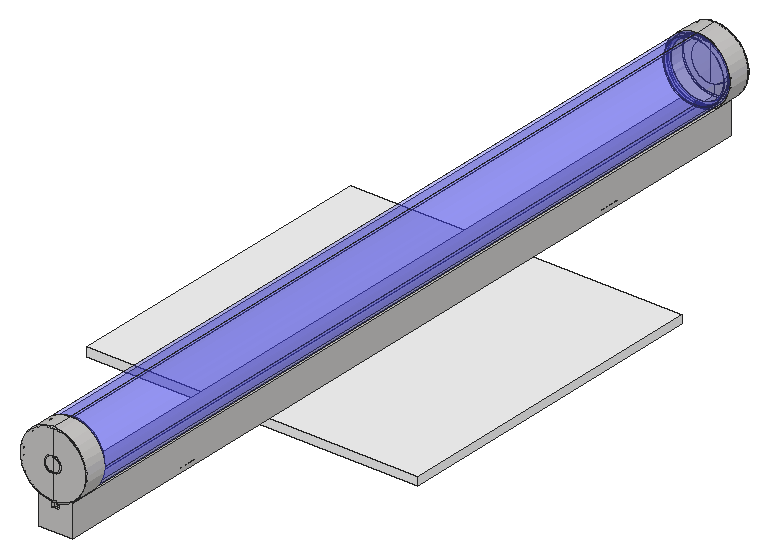
Revit family "BE_50070.2_de_DE", category Leuchten, Revit 2015
Parameters (values of type "BEGA_50070.2_K4")
  built-in parameter 1150104 = 13.146 (stored number, unit not read)
  Wattage = 25.4 W
  Default Elevation = 0 mm
  built-in parameter 1150113 = 1 (stored number, unit not read)
  built-in parameter 1114218 = 1 (stored number, unit not read)
  Umgebungstemperatur = ""
  URL = "http://www.bega.de/produkt/50070.2"
  Typenkommentare = "© 2017 BEGA. Wir behalten uns das Recht vor, technische Änderungen ohne vorherige Ankündigung vorzunehmen."  # constant formula
  built-in parameter 1150134 = 12
  built-in parameter 1150109 = 1 (stored number, unit not read)
  Strom = ""
  built-in parameter 1150110 = 1 (stored number, unit not read)
  Spannung = 239.996 V
  Sonderanfertigung = no
  Seriennummer [instance] = "Hier können Sie die eindeutige Seriennummer für das Facility Management eintragen."
  Schutzklasse = "I"
  Schutzart = "IP 65"
  Scheinlast = 0 VA
  Produktdatenblatt = "http://www.bega.de/download/Xrfa/db/50070.2.db.de.pdf"
  Oberflächentemperatur = ""
  Neigungswinkel = 0.00°
  Modell = "50070.2K4"
  Material_17 = BEGA_Reflektor
  Material_15 = BEGA_Leuchtmedium_matt
  Material_11 = BEGA_Glas_opal
  Material_09 = BEGA_Glas_klar
  Material_06 = BEGA_Oberfläche_Edelstahl_gebürstet
  Material_05 = BEGA_Oberfläche_Aluminium Guss
  Material_03 = BEGA_Oberfläche_Weiss_matt
  Material_02 = BEGA_Oberfläche_Silber_matt
  Material_01 [instance] = BEGA_Oberfläche_Grafit_matt
  M_W = no
  M_G = no
  M_A = no
  Logo = 0
  built-in parameter 1114217 = 1 (stored number, unit not read)
  built-in parameter 1150139 = (empty or 0)
  built-in parameter 1150105 = 286.01 (stored number, unit not read)
  built-in parameter 1150114 = 1 (stored number, unit not read)
  Lumens = 3594.1 lm
  built-in parameter 1150115 = 1 (stored number, unit not read)
  Leuchtenlichtstrom = "3689 lm"
  Leuchtenanzahl = ""
  Lebensdauerkriterien = "L70B50 @ 25 °C = 143000 h"
  Lastklassifizierung = Beleuchtung
  built-in parameter 1150112 = 1 (stored number, unit not read)
  Lampenlichtstrom = "5010 lm"
  Lampe = "LED 35.4 W"
  LED_Modulbezeichnung = "6x LED-0627/940 "
  Hersteller = "BEGA"  # constant formula
  Halbstreuwinkel = ""
  Gewicht = "4.35 kg"
  Gebrauchslageneinschränkung [instance] = ""
  Frequenz = "0/50-60 Hz"
  Farbwiedergabeindex = "Ra > 90"
  Farbtemperaturverschiebung bei Dämpfen der Lampe = <Keine Auswahl>
  Farbtemperatur = "4000 K"
  Color Filter = 16777215
  built-in parameter 1150133 = 10 (stored number, unit not read)
  Energieeffizienzklasse = "LED A++ - A"
  built-in parameter 1150137 = (empty or 0)
  built-in parameter 1150132 = (empty or 0)
  ENEC = "ja"
  Dimmbar [instance] = "DALI"
  Datei für fotometrisches Netz = "BE_50070K4.IES"
  CE_Konformität = "ja"
  Bestellnummer = "50070.2K4"
  Beschreibung_Sonderanfertigung = "Hier können Sie Informationen zur Sonderanfertigung eintragen."
  Beschreibung = "Wandleuchte"
  built-in parameter 1150106 = 2.8601 (stored number, unit not read)
  Befestigungsbohrung = "Ø 6 mm"
  Befestigungsabstand = "640 mm"
  Ballwurfsicher = ""
  BEGA_Intern_aus = yes
  BEGA_Intern_an = yes
  BEGA_Intern_Konstruktion = yes
  BEGA_Intern = yes
  BEGA_IES = yes
  BEGA_Dummy = no
  Anschlussleitung = ""
  Anschlussleistung [instance] = "41 W"
  Anschlusskasten = ""
  built-in parameter 1150107 = 4000 (stored number, unit not read)
  built-in parameter 1150102 = (empty or 0)
  built-in parameter 1150138 = (empty or 0)
  Aktualisierung = "2017-09-29T04:10:01"
  Abstand_zur_angestrahlten_Fläche [instance] = ""
  AC/DC = "AC/DC"
Types (2, lengths in mm): name | built-in parameter 1150104 | Wattage | built-in parameter 1150134 | Modell | built-in parameter 1150105 | Lumens | Leuchtenlichtstrom | Lampenlichtstrom | LED_Modulbezeichnung | Farbtemperatur | Datei für fotometrisches Netz | Bestellnummer | built-in parameter 1150106 | built-in parameter 1150107
  BEGA_50070.2_K3 | 12.672 (stored number, unit not read) | 35.4 W | (empty or 0) | "50070.2" | 384.24 (stored number, unit not read) | 4828.56 lm | "3556 lm" | "4830 lm" | "6x LED-0627/930 " | "3000 K" | "BE_50070.IES" | "50070.2" | 3.8424 (stored number, unit not read) | 3000 (stored number, unit not read)
  BEGA_50070.2_K4 | 13.146 (stored number, unit not read) | 25.4 W | 12 | "50070.2K4" | 286.01 (stored number, unit not read) | 3594.1 lm | "3689 lm" | "5010 lm" | "6x LED-0627/940 " | "4000 K" | "BE_50070K4.IES" | "50070.2K4" | 2.8601 (stored number, unit not read) | 4000 (stored number, unit not read)
Reference planes
  plane 1 "Mitte (Vorne/Hinten)": y = 0
  plane 2: z = 0
  plane 3 "Mitte (Links/Rechts)": x = 0
  plane 4 "Links": x = -40.25
  plane 5 "Rechts": x = 40.25
  plane 6 "Unten": y = -501.017
  plane 7 "Oben": y = 501.017
  plane 8 "Vorne": z = 115.51
  plane 9 "Hinten": z = 0
Forms (mm)
  Extrusion 1, solid, material "BEGA_Platte_Weiss"
    sketch origin (0, -1119.2, 0) x (1, 0, 0) y (0, 1, 0)
      loop
        line (-200, 1319.2) -> (-200, 919.2) -> (200, 919.2) -> (200, 1319.2) -> (-200, 1319.2)
    from 0 to -10
  Extrusion 2, solid, material "BEGA_Dummy_matt", visible <- "BEGA_Dummy"
    sketch origin (80.095, -76.023, 0) x (1, 0, 0) y (0, 1, 0)
      loop
        line (-120.345, 577.04) -> (-120.345, -424.994) -> (-39.845, -424.994) -> (-39.845, 577.04) -> (-120.345, 577.04)
    from 0 to 115.51
Dimensions and locks
  plane 1 "Mitte (Vorne/Hinten)" to Extrusion 1 = 200 mm
  aligned and locked: plane 2 to Extrusion 1
  aligned and locked: level to Extrusion 1
Nested families
  nested 1: "BE_50070.2" at (0, 0, 0) x (0, 1, 0) z (0, 0, 1), type "BE_50070.2"
Connectors
  electrical at (0, 0, 0), driven by "Lastklassifizierung", driven by "Spannung", driven by "Scheinlast"
    settings: index 1, voltage 239.996 V, apparent load 0 VA, apparent load phase1 0 VA, apparent load phase2 0 VA, apparent load phase3 0 VA, power factor 1, load classification "Beleuchtung", number of poles 1, system type 31, power factor state 1, is connector primary yes, connector utility no, sub classification motor no, connector description ""
Definition of nested family "BE_50070.2"
  Parameters (values of type "BE_50070.2")
    Default Elevation = 1 mm
    URL = "http://www.bega.de/de/produkt"
    Type Comments = "© 2015 BEGA. Wir behalten uns das Recht vor, technische Änderungen ohne vorherige Ankündigung vorzunehmen. "  # constant formula
    Type Image = (empty or 0)
    Neigungswinkel_um_Z2 = 0.00°
    Neigungswinkel_um_Z1 = 0.00°
    Neigungswinkel_um_Y2 = 0.00°
    Neigungswinkel_um_Y1 = 0.00°
    Neigungswinkel_um_X2 = 0.00°
    Neigungswinkel_um_X1 = 0.00°
    Material_17 = none
    Material_15 = none
    Material_11 = none
    Material_09 = none
    Material_06 = none
    Material_05 = none
    Material_03 = none
    Material_02 = none
    Material_01 = none
    M_W = yes
    M_G = yes
    M_A = yes
    Länge_Platte = 1100 mm  # constant formula
    Höhe_Platte = -10 mm  # constant formula
    Manufacturer = "BEGA"  # constant formula
    Drehwinkel_um_Z2 = 0.00°
    Drehwinkel_um_Z1 = 0.00°
    Breite_Platte = 200 mm  # constant formula
  Reference planes
    plane 1 "Mitte (Oben/Unten)": y = 0
    plane 2: z = 0
    plane 3 "Mitte (Links/Rechts)": x = 0
    plane 4: x = -501.017
    plane 5: z = 115.51
    plane 6: x = 501.017
    plane 7: y = 40.25
    plane 8: y = -40.25
  Forms (mm)
    Extrusion 1, solid, detail levels medium
      sketch origin (0, 0, 0) x (1, 0, 0) y (0, 1, 0)
        loop
          line (-550, 100) -> (-550, -100) -> (550, -100) -> (550, 100) -> (-550, 100)
      from 0 to -10 <- "Höhe_Platte"
    Extrusion 2, solid, material <- "Material_06", detail levels medium+fine
      sketch origin (0, 0, 0) x (0, 1, 0) y (0, 0, 1)
        loop
          arc (18.186, 39.353) -> (0, 35.01) -> (-18.186, 39.353) r 40.25
          line (-18.186, 39.353) -> (-20, 37.539) -> (-20, 0) -> (-17.5, 0) -> (-17.5, 32) -> (17.5, 32) -> (17.5, 0) -> (20, 0) -> (20, 37.539) -> (18.186, 39.353)
      from -493.983 to 496.017
    Extrusion 3, solid, material <- "Material_06", detail levels medium+fine
      sketch origin (0, 0, 0) x (0, 1, 0) y (0, 0, 1)
        loop
          arc (18.186, 39.353) -> (0, 35.01) -> (-18.186, 39.353) r 40.25
          line (-18.186, 39.353) -> (-20, 37.539) -> (-20, 0) -> (20, 0) -> (20, 37.539) -> (18.186, 39.353)
      from 496.017 to 499.017
    Extrusion 4, solid, material <- "Material_06", detail levels medium+fine
      sketch origin (-493, 0, 0) x (0, 1, 0) y (0, 0, 1)
        loop
          arc (18.186, 39.353) -> (0, 35.01) -> (-18.186, 39.353) r 40.25
          line (-18.186, 39.353) -> (-20, 37.539) -> (-20, 0) -> (20, 0) -> (20, 37.539) -> (18.186, 39.353)
      from -3.983 to -0.983
    Extrusion 5, solid, material <- "Material_06", detail levels medium+fine
      sketch origin (0, 0, 0) x (0, 1, 0) y (0, 0, 1)
        loop
          arc (14.5, 4) -> (14.207, 3.293) -> (13.5, 3) r 1
          line (13.5, 3) -> (-13.5, 3)
          arc (-13.5, 3) -> (-14.207, 3.293) -> (-14.5, 4) r 1
          line (-14.5, 4) -> (-14.5, 32) -> (-17.5, 32) -> (-17.5, 4)
          arc (-17.5, 4) -> (-16.328, 1.172) -> (-13.5, 0) r 4
          line (-13.5, 0) -> (13.5, 0)
          arc (13.5, 0) -> (16.328, 1.172) -> (17.5, 4) r 4
          line (17.5, 4) -> (17.5, 32) -> (14.5, 32) -> (14.5, 4)
      from 297.017 to 331.017
    Extrusion 6, solid, material <- "Material_06", detail levels medium+fine
      sketch origin (-230, 0, 0) x (0, 1, 0) y (0, 0, 1)
        loop
          arc (14.5, 4) -> (14.207, 3.293) -> (13.5, 3) r 1
          line (13.5, 3) -> (-13.5, 3)
          arc (-13.5, 3) -> (-14.207, 3.293) -> (-14.5, 4) r 1
          line (-14.5, 4) -> (-14.5, 32) -> (-17.5, 32) -> (-17.5, 4)
          arc (-17.5, 4) -> (-16.328, 1.172) -> (-13.5, 0) r 4
          line (-13.5, 0) -> (13.5, 0)
          arc (13.5, 0) -> (16.328, 1.172) -> (17.5, 4) r 4
          line (17.5, 4) -> (17.5, 32) -> (14.5, 32) -> (14.5, 4)
      from -112.983 to -78.983
    Extrusion 7, void
      sketch origin (0, 0, 0) x (1, 0, 0) y (0, 1, 0)
        loop
          arc (-327.373, 3) -> (-337.483, 0) -> (-327.373, -3) r 5.5
          line (-327.373, -3) -> (-317.983, -3)
          arc (-317.983, -3) -> (-314.983, 0) -> (-317.983, 3) r 3
          line (-317.983, 3) -> (-327.373, 3)
        loop
          arc (312.627, 3) -> (302.517, 0) -> (312.627, -3) r 5.5
          line (312.627, -3) -> (322.017, -3)
          arc (322.017, -3) -> (325.017, 0) -> (322.017, 3) r 3
          line (322.017, 3) -> (312.627, 3)
      from 0 to 9
    Revolve 8, void
      sketch origin (250.037, 0, 0) x (1, 0, 0) y (0, 0, 1)
        loop
          line (237.98, 30.562) -> (244.412, 30.562) -> (244.412, 37.872) -> (237.98, 37.872) -> (237.98, 30.562)
        axis (237.98, 30.562) -> (237.98, 37.872)
      angle from 0 to 360
    Revolve 9, solid, material <- "Material_06", detail levels medium+fine
      sketch origin (0, 0, 0) x (1, 0, 0) y (0, 0, 1)
        loop
          line (-501.017, 115.01) -> (-501.017, 75.26) -> (-493.017, 75.26) -> (-493.017, 97.652) -> (-498.517, 99.126) -> (-498.517, 112.583)
          arc (-498.517, 112.583) -> (-497.841, 113.082) -> (-497.019, 113.26) r 2
          line (-497.019, 113.26) -> (-475.151, 113.22) -> (-473.787, 115.51) -> (-500.517, 115.51)
          arc (-500.517, 115.51) -> (-500.87, 115.364) -> (-501.017, 115.01) r 0.5
        axis (-501.017, 75.26) -> (-473.787, 75.26)
      angle from 0 to 360
    Revolve 10, solid, material <- "Material_06", detail levels medium+fine
      sketch origin (0, 0, 0) x (-1, 0, 0) y (0, 0, 1)
        loop
          line (-501.017, 115.01) -> (-501.017, 75.26) -> (-493.017, 75.26) -> (-493.017, 97.652) -> (-498.517, 99.126) -> (-498.517, 112.583)
          arc (-498.517, 112.583) -> (-497.841, 113.082) -> (-497.019, 113.26) r 2
          line (-497.019, 113.26) -> (-475.151, 113.22) -> (-473.787, 115.51) -> (-500.517, 115.51)
          arc (-500.517, 115.51) -> (-500.87, 115.364) -> (-501.017, 115.01) r 0.5
        axis (-501.017, 75.26) -> (-473.787, 75.26)
      angle from 0 to 360
    Revolve 11, solid, material <- "Material_11", detail levels medium+fine
      sketch origin (0, 0, 0) x (1, 0, 0) y (0, 0, 1)
        loop
          line (473.913, 115.26) -> (-473.926, 115.26) -> (-475.266, 113.01) -> (-478.041, 113.01) -> (-478.041, 110.01) -> (-476.99, 109.749)
          arc (-476.99, 109.749) -> (-472.67, 108.644) -> (-469.337, 111.608) r 4.75
          arc (-469.337, 111.608) -> (-468.971, 112.081) -> (-468.4, 112.26) r 1
          line (-468.4, 112.26) -> (468.387, 112.26)
          arc (468.387, 112.26) -> (468.958, 112.081) -> (469.325, 111.608) r 1
          arc (469.325, 111.608) -> (472.657, 108.644) -> (476.978, 109.749) r 4.75
          line (476.978, 109.749) -> (478.028, 110.01) -> (478.028, 113.01) -> (475.253, 113.01) -> (473.913, 115.26)
        axis (478.028, 75.26) -> (-478.041, 75.26)
      angle from 0 to 360
    Revolve 12, void
      sketch origin (0, 0, 0) x (1, 0, 0) y (0, 0, 1)
        loop
          line (-497.452, 85.26) -> (-501.267, 85.26) -> (-501.267, 75.26) -> (-497.452, 75.26) -> (-497.452, 85.26)
        axis (-497.452, 75.26) -> (-501.267, 75.26)
      angle from 0 to 360
    Revolve 13, solid, material <- "Material_06", detail levels fine
      sketch origin (0, 0, 0) x (1, 0, 0) y (0, 0, 1)
        loop
          line (-500.267, 85.01) -> (-501.267, 84.01) -> (-501.267, 75.26) -> (-498.267, 75.26) -> (-498.267, 85.01) -> (-500.267, 85.01)
        axis (-498.267, 75.26) -> (-501.267, 75.26)
      angle from 0 to 360
    Extrusion 14, void
      sketch origin (0, 0, 0) x (0, 1, 0) y (0, 0, 1)
        loop
          line (5, 32) -> (2.35, 32) -> (2.35, 36.757) -> (-2.35, 36.757) -> (-2.35, 32) -> (-5, 32) -> (-5, 25.9) -> (5, 25.9) -> (5, 32)
      from -496.983 to -483.983
    Revolve 15, solid, material <- "Material_06", detail levels fine
      sketch origin (0, 0, 0) x (1, 0, 0) y (0, 0, 1)
        loop
          line (-493.267, 32) -> (-493.267, 28.504) -> (-489.017, 28.504) -> (-489.017, 41.75) -> (-491.267, 41.75) -> (-491.267, 32) -> (-493.267, 32)
        axis (-489.017, 41.75) -> (-489.017, 28.504)
      angle from 0 to 360
  Cuts and joins
    Extrusion 7, Revolve 8, Extrusion 14 cuts Extrusion 2
    Extrusion 7, Revolve 8, Extrusion 14 cuts Extrusion 3
    Extrusion 7, Revolve 8, Extrusion 14 cuts Extrusion 4
    Extrusion 7, Revolve 8, Extrusion 14 cuts Extrusion 5
    Extrusion 7, Revolve 8, Extrusion 14 cuts Extrusion 6
    joined: Extrusion 2, Extrusion 3, Extrusion 4, Extrusion 5, Extrusion 6
    Revolve 12 cuts Revolve 9
    Revolve 12 cuts Revolve 10
    joined: Revolve 9, Revolve 10
  Dimensions and locks
    equal spacing: Extrusion 1 sketch curve, plane 3 "Mitte (Links/Rechts)", Extrusion 1 sketch curve
    equal spacing: Extrusion 1 sketch curve, plane 1 "Mitte (Oben/Unten)", Extrusion 1 sketch curve
    "Länge_Platte": Extrusion 1 sketch curve to Extrusion 1 sketch curve
    "Breite_Platte": Extrusion 1 sketch curve to Extrusion 1 sketch curve
    aligned and locked: Extrusion 1 to plane 2
    aligned and locked: level to Extrusion 1
  Automatic sketch dimensions
    Extrusion 2 sketch curve to level = 0 mm  (x2)
    Extrusion 2 sketch curve to plane 1 "Mitte (Oben/Unten)" = 0 mm
    plane 1 "Mitte (Oben/Unten)" to Extrusion 2 sketch curve = 17.5 mm
    Extrusion 2 sketch curve to Extrusion 2 sketch curve = 0.686 mm  (x2)
    Extrusion 2 sketch curve to Extrusion 2 sketch curve = 1.814 mm  (x3)
    Extrusion 2 sketch curve to plane 1 "Mitte (Oben/Unten)" = 17.5 mm
    Extrusion 2 sketch curve to Extrusion 2 sketch curve = 32 mm
    Extrusion 2 sketch curve to Extrusion 2 sketch curve = 5.539 mm  (x2)
    Extrusion 2 sketch curve to Extrusion 2 sketch curve = 35.907 mm
    Extrusion 3 sketch curve to level = 0 mm
    Extrusion 3 sketch curve to plane 1 "Mitte (Oben/Unten)" = 0 mm
    plane 1 "Mitte (Oben/Unten)" to Extrusion 3 sketch curve = 18.186 mm
    plane 1 "Mitte (Oben/Unten)" to Extrusion 3 sketch curve = 20 mm
    Extrusion 3 sketch curve to plane 1 "Mitte (Oben/Unten)" = 18.186 mm
    Extrusion 3 sketch curve to Extrusion 3 sketch curve = 1.814 mm  (x2)
    Extrusion 3 sketch curve to Extrusion 3 sketch curve = 37.539 mm  (x2)
    Extrusion 3 sketch curve to Extrusion 3 sketch curve = 35.907 mm
    Extrusion 4 sketch curve to level = 0 mm
    Extrusion 4 sketch curve to plane 1 "Mitte (Oben/Unten)" = 0 mm
    plane 1 "Mitte (Oben/Unten)" to Extrusion 4 sketch curve = 18.186 mm
    plane 1 "Mitte (Oben/Unten)" to Extrusion 4 sketch curve = 20 mm
    Extrusion 4 sketch curve to plane 1 "Mitte (Oben/Unten)" = 18.186 mm
    Extrusion 4 sketch curve to Extrusion 4 sketch curve = 1.814 mm  (x2)
    level to Extrusion 4 sketch curve = 37.539 mm  (x2)
    Extrusion 4 sketch curve to Extrusion 4 sketch curve = 35.907 mm
    Extrusion 5 sketch curve to Extrusion 5 sketch curve = 0 mm  (x6)
    Extrusion 5 sketch curve to level = 0 mm
    plane 1 "Mitte (Oben/Unten)" to Extrusion 5 sketch curve = 17.5 mm
    Extrusion 5 sketch curve to Extrusion 5 sketch curve = 3 mm
    Extrusion 5 sketch curve to Extrusion 5 sketch curve = 1 mm
    level to Extrusion 5 sketch curve = 4 mm
    Extrusion 5 sketch curve to plane 1 "Mitte (Oben/Unten)" = 13.5 mm
    Extrusion 5 sketch curve to Extrusion 5 sketch curve = 28 mm  (x2)
    Extrusion 6 sketch curve to Extrusion 6 sketch curve = 0 mm  (x6)
    Extrusion 6 sketch curve to level = 0 mm
    plane 1 "Mitte (Oben/Unten)" to Extrusion 6 sketch curve = 17.5 mm
    Extrusion 6 sketch curve to Extrusion 6 sketch curve = 3 mm
    Extrusion 6 sketch curve to Extrusion 6 sketch curve = 1 mm
    level to Extrusion 6 sketch curve = 4 mm
    Extrusion 6 sketch curve to plane 1 "Mitte (Oben/Unten)" = 13.5 mm
    Extrusion 6 sketch curve to Extrusion 6 sketch curve = 28 mm  (x2)
    plane 1 "Mitte (Oben/Unten)" to Extrusion 7 sketch curve = 0 mm  (x4)
    Extrusion 7 sketch curve to plane 3 "Mitte (Links/Rechts)" = 331.983 mm
    Extrusion 7 sketch curve to Extrusion 7 sketch curve = 4.61 mm  (x2)
    plane 1 "Mitte (Oben/Unten)" to Extrusion 7 sketch curve = 3 mm
    Extrusion 7 sketch curve to Extrusion 7 sketch curve = 9.39 mm  (x2)
    plane 3 "Mitte (Links/Rechts)" to Extrusion 7 sketch curve = 308.017 mm
    Extrusion 7 sketch curve to plane 1 "Mitte (Oben/Unten)" = 3 mm
    level to Revolve 8 sketch curve = 30.562 mm
    plane 3 "Mitte (Links/Rechts)" to Revolve 8 sketch curve = 488.017 mm
    Revolve 8 sketch curve to Revolve 8 sketch curve = 6.431 mm
    Revolve 8 sketch curve to Revolve 8 sketch curve = 7.31 mm
    Revolve 8 sketch curve to Revolve 8 sketch curve = 0 mm  (x3)
    level to Revolve 9 sketch curve = 115.01 mm
    Revolve 9 sketch curve to plane 3 "Mitte (Links/Rechts)" = 501.017 mm
    Revolve 9 sketch curve to Revolve 9 sketch curve = 0.5 mm
    level to Revolve 9 sketch curve = 99.126 mm
    Revolve 9 sketch curve to Revolve 9 sketch curve = 2 mm  (x2)
    level to Revolve 9 sketch curve = 113.26 mm
    Revolve 9 sketch curve to Revolve 9 sketch curve = 1.498 mm
    Revolve 9 sketch curve to Revolve 9 sketch curve = 1.5 mm
    Revolve 9 sketch curve to Revolve 9 sketch curve = 8 mm
    Revolve 9 sketch curve to Revolve 9 sketch curve = 21.869 mm
    Revolve 9 sketch curve to Revolve 9 sketch curve = 1.364 mm
    Revolve 9 sketch curve to Revolve 9 sketch curve = 1.474 mm
    Revolve 9 sketch curve to Revolve 9 sketch curve = 22.392 mm
    Revolve 9 sketch curve to Revolve 9 sketch curve = 2.29 mm
    Revolve 9 sketch curve to Revolve 9 sketch curve = 0 mm  (x3)
    Revolve 10 sketch curve to level = 115.01 mm
    Revolve 10 sketch curve to plane 3 "Mitte (Links/Rechts)" = 501.017 mm
    Revolve 10 sketch curve to Revolve 10 sketch curve = 0.5 mm
    Revolve 10 sketch curve to level = 99.126 mm
    Revolve 10 sketch curve to Revolve 10 sketch curve = 2 mm  (x2)
    Revolve 10 sketch curve to level = 113.26 mm
    Revolve 10 sketch curve to Revolve 10 sketch curve = 1.498 mm
    Revolve 10 sketch curve to Revolve 10 sketch curve = 1.5 mm
    Revolve 10 sketch curve to Revolve 10 sketch curve = 8 mm
    Revolve 10 sketch curve to Revolve 10 sketch curve = 21.869 mm
    Revolve 10 sketch curve to Revolve 10 sketch curve = 1.364 mm
    Revolve 10 sketch curve to Revolve 10 sketch curve = 1.474 mm
    Revolve 10 sketch curve to Revolve 10 sketch curve = 22.392 mm
    Revolve 10 sketch curve to Revolve 10 sketch curve = 2.29 mm
    Revolve 10 sketch curve to Revolve 10 sketch curve = 0 mm  (x3)
    level to Revolve 11 sketch curve = 113.01 mm
    Revolve 11 sketch curve to plane 3 "Mitte (Links/Rechts)" = 478.041 mm
    level to Revolve 11 sketch curve = 109.749 mm  (x2)
    Revolve 11 sketch curve to Revolve 11 sketch curve = 1.051 mm
    Revolve 11 sketch curve to Revolve 11 sketch curve = 2.775 mm  (x2)
    Revolve 11 sketch curve to Revolve 11 sketch curve = 1.34 mm
    Revolve 11 sketch curve to Revolve 11 sketch curve = 1.475 mm  (x2)
    Revolve 11 sketch curve to Revolve 11 sketch curve = 5.391 mm  (x2)
    Revolve 11 sketch curve to Revolve 11 sketch curve = 0 mm  (x4)
    plane 3 "Mitte (Links/Rechts)" to Revolve 11 sketch curve = 468.387 mm
    Revolve 11 sketch curve to Revolve 11 sketch curve = 1.725 mm
    Revolve 11 sketch curve to Revolve 11 sketch curve = 0.261 mm  (x2)
    Revolve 11 sketch curve to Revolve 11 sketch curve = 1.75 mm
    Revolve 11 sketch curve to Revolve 11 sketch curve = 1.511 mm
    Revolve 11 sketch curve to Revolve 11 sketch curve = 1 mm
    Revolve 11 sketch curve to Revolve 11 sketch curve = 3 mm
    Revolve 11 sketch curve to Revolve 11 sketch curve = 0.25 mm  (x2)
    Revolve 11 sketch curve to Revolve 11 sketch curve = 2 mm
    Revolve 11 sketch curve to Revolve 11 sketch curve = 0.938 mm  (x2)
    Revolve 11 sketch curve to Revolve 11 sketch curve = 0.135 mm
    level to Revolve 12 sketch curve = 85.26 mm
    Revolve 12 sketch curve to plane 3 "Mitte (Links/Rechts)" = 501.267 mm
    Revolve 12 sketch curve to Revolve 12 sketch curve = 3.815 mm
    Revolve 12 sketch curve to Revolve 12 sketch curve = 10 mm
    Revolve 12 sketch curve to Revolve 12 sketch curve = 1.435 mm
    Revolve 12 sketch curve to Revolve 12 sketch curve = 0 mm  (x2)
    level to Revolve 13 sketch curve = 75.26 mm
    Revolve 13 sketch curve to plane 3 "Mitte (Links/Rechts)" = 501.267 mm
    Revolve 13 sketch curve to Revolve 13 sketch curve = 1 mm  (x2)
    Revolve 13 sketch curve to Revolve 13 sketch curve = 2 mm
    Revolve 13 sketch curve to Revolve 13 sketch curve = 8.75 mm
    Revolve 13 sketch curve to Revolve 13 sketch curve = 1.373 mm
    Revolve 13 sketch curve to Revolve 13 sketch curve = 0.25 mm
    Revolve 13 sketch curve to Revolve 13 sketch curve = 0 mm
    level to Revolve 15 sketch curve = 32 mm
    Revolve 15 sketch curve to plane 3 "Mitte (Links/Rechts)" = 493.267 mm
    Revolve 15 sketch curve to Revolve 15 sketch curve = 2 mm
    Revolve 15 sketch curve to Revolve 15 sketch curve = 2.25 mm
    Revolve 15 sketch curve to Revolve 15 sketch curve = 3.496 mm
    Revolve 15 sketch curve to Revolve 15 sketch curve = 9.75 mm
    Revolve 15 sketch curve to Revolve 15 sketch curve = 0 mm  (x3)
    plane 1 "Mitte (Oben/Unten)" to Extrusion 14 sketch curve = 5 mm
    plane 1 "Mitte (Oben/Unten)" to Extrusion 14 sketch curve = 2.35 mm
    Extrusion 14 sketch curve to plane 1 "Mitte (Oben/Unten)" = 2.35 mm
    Extrusion 14 sketch curve to Extrusion 14 sketch curve = 2.65 mm
    level to Extrusion 14 sketch curve = 25.9 mm
    Extrusion 14 sketch curve to Extrusion 14 sketch curve = 6.1 mm
    Extrusion 14 sketch curve to Extrusion 14 sketch curve = 0 mm
    Extrusion 14 sketch curve to Extrusion 14 sketch curve = 4.757 mm
